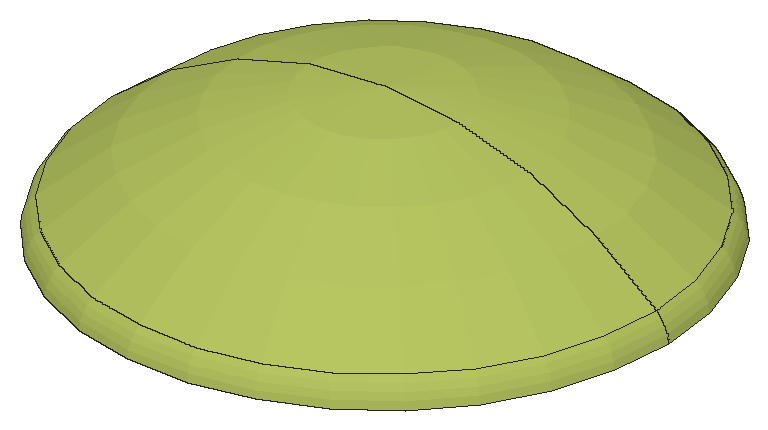
Revit family "Haworth_BuzziMilk_Bench_Cushion_Small", category Furniture, Revit 2018
Family settings
  OmniClass Number = 23.40.20.00
  OmniClass Title = General Furniture and Specialties
  Work Plane-Based = No
  Always vertical = Yes
  Cut with Voids When Loaded = No
  Shared = No
  Room Calculation Point = No
Parameters (values of type "HCBZ-MKC1-2")
  Warranty = "http://www.haworth.com/resources/product-info/warranties"
  URL - Product = "https://www.haworth.com/products/seating/stools/buzzimilk"
  URL = "http://www.haworth.com/our-brands/haworth-collection"
  Revision = "1"  # constant formula
  Note = "Verify Final Dim. w/ Haworth"  # constant formula
  Model = "HCBZ-MKS"  # constant formula
  Manufacturer = "Haworth"  # constant formula
  Keynote = ""
  Description = "Haworth BuzziMilk - Cushion - Small"  # constant formula
  Cushion Height = 3.50"  # constant formula
  Cushion Finish [instance] = Haworth _ Fabric _ Kvadrat Revive 1 _ BR1-914
  Author = "Haworth (Abd Rahman)"  # constant formula
  Assembly Code = "E2020200"
  Actual Width = 15.35156"  # constant formula
  Actual Height = 25.59"  # constant formula
  Actual Depth = 15.35156"  # constant formula
Reference planes (in)
  plane 1 "Center Front/Back": y = 0
  plane 2: z = 0
  plane 3 "Center Left/Right": x = 0
  plane 4: z = 22.09
  plane 5 "Left": x = -7.6744
  plane 6 "Right": x = 7.67717
  plane 7: z = 21.3026
  plane 8: z = 25.59
  plane 9 "Back": y = 7.67578
  plane 10 "Front": y = -7.67578
Forms (in)
  Revolve 1, solid, material "Haworth _ Fabric _ Kvadrat Revive 1 _ BR1-914" <- "Cushion Finish"
    sketch origin (0, 0, 0) x (1, 0, 0) y (0, 0, 1)
      loop
        line (0, 22.09) -> (0, 25.63331)
        arc (0, 25.63331) -> (-3.93926, 24.89395) -> (-7.34233, 22.77652) r 10.86377
        arc (-7.34233, 22.77652) -> (-7.57485, 22.46501) -> (-7.67717, 22.09) r 1.04299
        line (-7.67717, 22.09) -> (0, 22.09)
      axis (0, 25.63331) -> (0, 22.09)
    angle from 0 to 360
Lines and regions (in)
  Masking region 1
    outline origin (-5.41339, -180, 0.39425) x (-1, 0, 0) y (0, -1, 0)
      loop
        circle (-5.41339, -180) r 7.675
Dimensions and locks (in)
  locked: plane 4 to plane 7 at 0.7874
  equal spacing: plane 9 "Back", plane 1 "Center Front/Back", plane 10 "Front"
  "Actual Width": plane 5 "Left" to plane 6 "Right"
  "Actual Depth": plane 9 "Back" to plane 10 "Front"
  locked: plane 8 to plane 4 at 3.5
  "Actual Height": plane 8 to plane 2
  radius of Masking region 1 sketch curve = 7.675"
  radius of Revolve 1 sketch curve = 1.04299"
  radius of Revolve 1 sketch curve = 10.86377"
  aligned and locked: level to plane 2
  aligned and locked: Revolve 1 sketch curve to plane 4
  aligned and locked: Revolve 1 sketch curve to plane 3 "Center Left/Right"  (x2)
  aligned and locked: plane 3 "Center Left/Right" to Masking region 1 sketch curve
  aligned and locked: plane 1 "Center Front/Back" to Masking region 1 sketch curve
Automatic sketch dimensions
  plane 8 to Revolve 1 sketch curve = 0.04331"
  Revolve 1 sketch curve to Revolve 1 sketch curve = 0.00"
  Revolve 1 sketch curve to plane 5 "Left" = 0.00277"
  plane 4 to Revolve 1 sketch curve = 0.35433"
  Revolve 1 sketch curve to Revolve 1 sketch curve = 0.43307"
